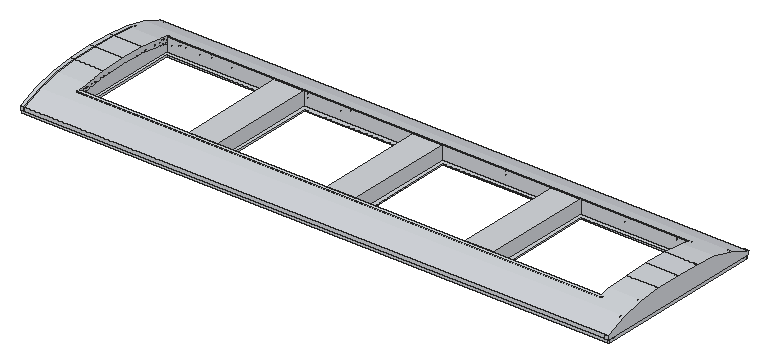
Revit family "Gira_021436", category Electrical Fixtures, host Face, Revit 2017
Family settings
  Host = Face
  Maintain Annotation Orientation = No
  Round Connector Dimension = Use Diameter
  Part Type = Normal
  Cut with Voids When Loaded = No
  Shared = No
  Room Calculation Point = No
Parameters (values of type "Cov.fr. 4-g interm.fr. CAl Gira Event c.alum.")
  With mounting grid = "No"
  With hinged lid = "No"
  URL = "http://katalog.gira.de/en/datenblatt.html?artikelnr=021436"
  Type of fastening = "Clamp mounting"
  Transparent = "No"
  Surface protection = "Other"
  Suitable for wall duct = "No"
  Suitable for flush-mounted installation = "Yes"
  Suitable for floor box = "No"
  Suitable for built-in installation = "No"
  Number of units vertical = "4"
  Number of units horizontal = "4"
  Number of units = "4"
  Name = "Cov.fr. 4-g interm.fr. CAl Gira Event c.alum."
  Mounting direction = "Horizontal and vertical"
  Material quality = "Thermoplastic"
  Material = "Plastic"
  Manufacturer URL = "https://www.gira.de/"
  Manufacturer = "Gira"
  Label space/information surface = "No"
  Keynote = ""
  HeinzeBIM = "https://bimportal.heinze.de/bim/cov-fr-4-g-interm-fr-cal-gira-event-c-alum-/238c743965e9f8dc71f20f0fbe8d49c36b63692d"
  Halogen free = "Yes"
  HAN = "021436"
  GTIN = "4010337214366"
  Description = "Cov.fr.4g i.fr.CAl Event CAl,Gira Event frames,colour aluminium with colour aluminium intermediate frame,4-gang,Features:,- Shatter-proof."
  Degree of protection (IP) = "IP20"
  Default Elevation = 1219.2 mm
  Data sheet (1) = "https://katalog.gira.de/en/download.html?artikelnr=021436"
  Colour = "Aluminium"
  Category = "Cover frame for domestic switching devices"
  BIM (1) = "https://media.stage.bim.site/public/gira/36a6b08/Event_Rahmen_4fach.rfa"
  Available = "No"
Reference planes
  plane 1 "Center (Front/Back)": y = 0
  plane 2: z = 0
  plane 3 "Center (Left/Right)": x = 0
Forms (mm)
  Extrusion 1, solid, detail levels fine
    sketch origin (0, 0, 0.05) x (0, 1, 0) y (0, 0, 1)
      loop
        arc (12.445, 9.683) -> (6.223, 9.833) -> (0, 9.85) r 291.636
        arc (0, 9.85) -> (-6.223, 9.833) -> (-12.445, 9.683) r 291.636
        arc (-12.445, 9.683) -> (-29.14, 7.482) -> (-45, 1.823) r 79.728
        line (-45, 1.823) -> (-45, -0.05) -> (-42.086, -0.05)
        arc (-42.086, -0.05) -> (-21.385, 5.559) -> (0, 7.206) r 114.424
        arc (0, 7.206) -> (21.385, 5.559) -> (42.086, -0.05) r 114.424
        line (42.086, -0.05) -> (45, -0.05) -> (45, 1.823)
        arc (45, 1.823) -> (29.14, 7.482) -> (12.445, 9.683) r 79.728
    from -151.95 to 151.935
  Extrusion 2, void, detail levels fine
    sketch origin (0, 0, 0) x (1, 0, 0) y (0, 1, 0)
      loop
        line (134.95, 28.035) -> (-134.95, 28.035) -> (-134.95, -28.035) -> (134.95, -28.035) -> (134.95, 28.035)
    from 0.724 to 11
  Extrusion 3, solid, detail levels coarse
    sketch origin (0, 0, 0) x (1, 0, 0) y (0, 1, 0)
      loop
        line (-151.95, 45) -> (-151.95, -45) -> (151.935, -45) -> (151.935, 45) -> (-151.95, 45)
    from -1.5 to 9.9
  Extrusion 4, solid, detail levels medium
    sketch origin (0, 0, 0.05) x (0, 1, 0) y (0, 0, 1)
      loop
        arc (12.445, 9.683) -> (6.223, 9.833) -> (0, 9.85) r 291.636
        arc (0, 9.85) -> (-6.223, 9.833) -> (-12.445, 9.683) r 291.636
        arc (-12.445, 9.683) -> (-29.14, 7.482) -> (-45, 1.823) r 79.728
        line (-45, 1.823) -> (-45, -0.05) -> (45, -0.05) -> (45, 1.823)
        arc (45, 1.823) -> (29.14, 7.482) -> (12.445, 9.683) r 79.728
    from -151.95 to 151.935
  Extrusion 5, solid, detail levels fine
    sketch origin (-106.95, 0, -1.5) x (0, 1, 0) y (0, 0, -1)
      loop
        line (45, -3.373) -> (45, -1.5) -> (-45, -1.5) -> (-45, -3.373)
        arc (-45, -3.373) -> (-29.14, -9.032) -> (-12.445, -11.233) r 79.728
        arc (-12.445, -11.233) -> (-6.223, -11.383) -> (0, -11.4) r 291.636
        arc (0, -11.4) -> (6.223, -11.383) -> (12.445, -11.233) r 291.636
        arc (12.445, -11.233) -> (29.14, -9.032) -> (45, -3.373) r 79.728
    from 43 to 45
  Extrusion 6, solid, detail levels fine
    sketch origin (0, 0, 0) x (1, 0, 0) y (0, 1, 0)
      loop
        line (-132.85, 25.7) -> (-132.85, -25.7) -> (-81.05, -25.7) -> (-81.05, 25.7) -> (-132.85, 25.7)
      loop
        line (-9.755, -25.7) -> (-9.755, 25.7) -> (-61.555, 25.7) -> (-61.555, -25.7) -> (-9.755, -25.7)
      loop
        line (-135.845, 28.49) -> (-135.845, -28.495)
        spline (-135.845, -28.495) -> (-135.836, -28.625) -> (-135.811, -28.754) -> (-135.769, -28.878) -> (-135.711, -28.995) -> (-135.638, -29.104) -> (-135.552, -29.202) -> (-135.454, -29.288) -> (-135.345, -29.361) -> (-135.228, -29.419) -> (-135.104, -29.461) -> (-134.975, -29.486) -> (-134.845, -29.495)
        line (-134.845, -29.495) -> (134.845, -29.495)
        spline (134.845, -29.495) -> (134.975, -29.486) -> (135.104, -29.461) -> (135.228, -29.419) -> (135.345, -29.361) -> (135.454, -29.288) -> (135.552, -29.202) -> (135.638, -29.104) -> (135.711, -28.995) -> (135.769, -28.878) -> (135.811, -28.754) -> (135.836, -28.625) -> (135.845, -28.495)
        line (135.845, -28.495) -> (135.845, 28.49)
        spline (135.845, 28.49) -> (135.836, 28.62) -> (135.811, 28.748) -> (135.769, 28.872) -> (135.711, 28.99) -> (135.638, 29.098) -> (135.552, 29.197) -> (135.454, 29.283) -> (135.345, 29.356) -> (135.228, 29.413) -> (135.104, 29.456) -> (134.975, 29.481) -> (134.845, 29.49)
        line (134.845, 29.49) -> (-134.845, 29.49)
        spline (-134.845, 29.49) -> (-134.975, 29.481) -> (-135.104, 29.456) -> (-135.228, 29.413) -> (-135.345, 29.356) -> (-135.454, 29.283) -> (-135.552, 29.197) -> (-135.638, 29.098) -> (-135.711, 28.99) -> (-135.769, 28.872) -> (-135.811, 28.748) -> (-135.836, 28.62) -> (-135.845, 28.49)
      loop
        line (61.545, -25.7) -> (61.545, 25.7) -> (9.745, 25.7) -> (9.745, -25.7) -> (61.545, -25.7)
      loop
        line (132.85, -25.7) -> (132.85, 25.7) -> (81.05, 25.7) -> (81.05, -25.7) -> (132.85, -25.7)
    from 0.1 to 7.3
  Extrusion 7, solid
    sketch origin (0, 0, 0) x (1, 0, 0) y (0, 1, 0)
      loop
        arc (-151.65, -44.218) -> (-151.504, -44.572) -> (-151.15, -44.718) r 0.5
        line (-151.15, -44.718) -> (151.15, -44.718)
        arc (151.15, -44.718) -> (151.504, -44.572) -> (151.65, -44.218) r 0.5
        line (151.65, -44.218) -> (151.65, 44.182)
        arc (151.65, 44.182) -> (151.504, 44.535) -> (151.15, 44.682) r 0.5
        line (151.15, 44.682) -> (-151.15, 44.682)
        arc (-151.15, 44.682) -> (-151.504, 44.535) -> (-151.65, 44.182) r 0.5
        line (-151.65, 44.182) -> (-151.65, -44.218)
      loop
        line (-149.95, 42.982) -> (-149.95, -43.018) -> (149.95, -43.018) -> (149.95, 42.982) -> (-149.95, 42.982)
    from -1.5 to 0.5
  Extrusion 8, solid, detail levels fine
    sketch origin (106.935, 0, -1.5) x (0, 1, 0) y (0, 0, 1)
      loop
        arc (45, 3.373) -> (29.14, 9.032) -> (12.445, 11.233) r 79.728
        arc (12.445, 11.233) -> (6.223, 11.383) -> (0, 11.4) r 291.636
        arc (0, 11.4) -> (-6.223, 11.383) -> (-12.445, 11.233) r 291.636
        arc (-12.445, 11.233) -> (-29.14, 9.032) -> (-45, 3.373) r 79.728
        line (-45, 3.373) -> (-45, 1.5) -> (45, 1.5) -> (45, 3.373)
    from 43 to 45
  Extrusion 9, solid, detail levels medium
    sketch origin (0, 0, 0) x (1, 0, 0) y (0, 1, 0)
      loop
        line (-151.65, -44.718) -> (151.65, -44.718) -> (151.65, 44.682) -> (-151.65, 44.682) -> (-151.65, -44.718)
    from -1.5 to 0.5
  Extrusion 10, solid, detail levels fine
    sketch origin (-69.857, 0, 0) x (1, 0, 0) y (0, 1, 0)
      loop
        line (-8.943, 28.063) -> (-8.943, -27.937) -> (6.057, -27.937) -> (6.057, 28.063) -> (-8.943, 28.063)
    from 0.724 to 7.566
  Extrusion 11, solid, detail levels fine
    sketch origin (-1.443, 0, 0) x (-1, 0, 0) y (0, -1, 0)
      loop
        line (-8.943, -28.063) -> (6.057, -28.063) -> (6.057, 27.937) -> (-8.943, 27.937) -> (-8.943, -28.063)
    from 0.724 to 7.566
  Extrusion 12, solid, detail levels fine
    sketch origin (69.857, 0, 0) x (-1, 0, 0) y (0, -1, 0)
      loop
        line (-8.943, -28.063) -> (6.057, -28.063) -> (6.057, 27.937) -> (-8.943, 27.937) -> (-8.943, -28.063)
    from 0.724 to 7.566
Cuts and joins
  Extrusion 2 cuts Extrusion 1
  Extrusion 2 cuts Extrusion 6
Dimensions and locks
  aligned and locked: plane 2 to host face
  aligned and locked: level to host face
